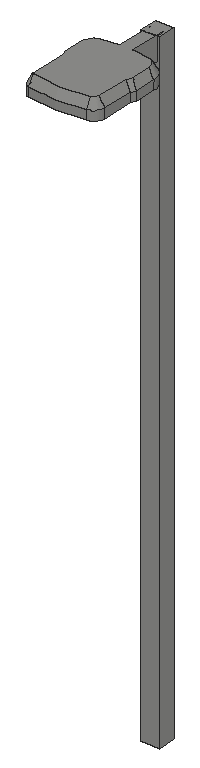
Revit family "VP-1_A", category Lighting Fixtures, host Face, Revit 2019
Family settings
  Host = Face
  Round Connector Dimension = Use Diameter
  Part Type = Normal
  OmniClass Number = 23.80.70.11.14.17
  OmniClass Title = Direct/Indirect
  Cut with Voids When Loaded = No
  Light Source = No
  Shared = Yes
  Room Calculation Point = No
Parameters (values of type "VP-1-A")
  Wattage Comments = "97.2W"
  Warranty = "Five year warranty"  # constant formula
  Voltage = 120 V
  URL = "https://www.currentlighting.com/beacon"
  Type Comments = "Lighting Fixture"  # constant formula
  Product Page URL = "https://www.currentlighting.com/outdoor-lighting/viper-area-size-1/9606403"
  Product Documentation Link = "https://cdn.currentlighting.com/site/specsheet/BEA_VIPERSPEC.pdf"
  Power Factor = 0.9
  Pole Height [instance] = 120.00"
  Name = "Viper Area Size 1"  # constant formula
  Model = "VP-1-A"
  Matt Grey = MATT GREY
  Matt Black = Matt Black
  Manufacturer = "Current Lighting"  # constant formula
  Load Classification = Lighting
  Light Output = 6297.00 cd/m²
  Lamp = "LED"  # constant formula
  Grey = Grey
  Glass = Glass
  Pole Size [instance] = 3.50"
  Features = "Featuring two different optical technologies, Micro Strike and Strike Optics, which provide the best distribution patterns for retrofit or new construction\r\nVibration rated for high vibration applications including bridges and overpasses\r\nControl options including photo control, occupancy sensing, NX Lighting Controls, wiSCAPE and 7-Pin with networked controls\r\nMounting options include: Arm, Universal Arm, Adjustable Arm, Mast Arm, Decorative Arm, Knuckle, Trunnion, Wall\r\nDistribution options include: Auto Front Row, Type 2, Type 3, Type 4 Forward, Type 4 Wide, Type 5 Narrow, Type 5 Medium, Type 5 Wide, Type 5 Rectangular, Corner Optic, and Tennis Court\r\n\r\n"  # constant formula
  Copyright = "© 2022 Current Lighting"  # constant formula
  Cool Grey = Cool Grey
  Contact Us = "https://www.currentlighting.com/contact-us"
  Certification = "UL"  # constant formula
  Description = "The Viper is an extremely versatile area/site luminaire which blends design, performance, and technology for a variety of applications."  # constant formula
  Default Elevation = 48.00"
  Finish = Arctic White
  Matt White = Matt White
  CRI = "70"  # constant formula
  Brand = "Beacon"  # constant formula
  Assembly Code = "D5020200"
  Apparent Load = 97.2 VA
Reference planes (in)
  plane 1 "Center (Front/Back)": y = 6.16697
  plane 2: z = 0
  plane 3 "Center (Left/Right)": x = 0
  plane 4: z = 3.75
  plane 5: z = -4.44
  plane 6: x = -1.75
  plane 7: x = 1.75
  plane 8: y = 4.41697
  plane 9: y = 7.91697
  plane 10: z = 120
Forms (in)
  Extrusion 1, solid, material "Cool Grey" <- "Cool Grey"
    sketch origin (0, 0, 0) x (1, 0, 0) y (0, 1, 0)
      loop
        line (-1.75, 7.91697) -> (-1.75, 4.41697) -> (1.75, 4.41697) -> (1.75, 7.91697) -> (-1.75, 7.91697)
    from 0 to 120
Lines and regions (in)
  reference lines
    curve 1: line (0, 14.42606, -3.25) -> (0, 17.42606, -0.25)
    curve 2: line (0, -2.09213, -3.25) -> (0, 14.42606, -3.25)
    curve 3: line (0, -5.09213, -0.25) -> (0, -2.09213, -3.25)
    curve 4: line (0, 14.42606, -3.25) -> (0, 17.42606, -0.25)
    curve 5: line (0, -5.09213, -0.25) -> (0, 17.42606, -0.25)
    curve 6: line (0, 17.17606, -0.77432) -> (0, 17.92606, -0.77432)
    curve 7: line (0, 17.17606, -1.52432) -> (0, 17.17606, -0.77432)
    curve 8: line (0, 16.69614, -1.52432) -> (0, 17.17606, -1.52432)
    curve 9: line (0, 14.92606, -4.25) -> (0, 16.69614, -1.52432)
    curve 10: line (0, -4.3622, -1.52432) -> (0, -2.59213, -4.25)
    curve 11: line (0, -4.84213, -1.52432) -> (0, -4.3622, -1.52432)
    curve 12: line (0, -4.84213, -0.77432) -> (0, -4.84213, -1.52432)
    curve 13: line (0, -5.59213, -0.77432) -> (0, -4.84213, -0.77432)
Dimensions and locks (in)
  plane 4 to plane 2 = 3.75"
  "Pole Size": plane 8 to plane 9
  equal spacing: plane 8, plane 1 "Center (Front/Back)", plane 9
  equal spacing: plane 6, plane 3 "Center (Left/Right)", plane 7
  "Pole Size": plane 6 to plane 7
  "Pole Height": plane 10 to plane 2
  aligned and locked: plane 2 to host face
  aligned and locked: level to host face
  aligned and locked: plane 10 to Extrusion 1
  aligned and locked: nested 1 to plane 10
  aligned and locked: plane 3 "Center (Left/Right)" to nested 1
  aligned and locked: plane 9 to Extrusion 1 sketch curve
  aligned and locked: plane 6 to Extrusion 1 sketch curve
  aligned and locked: Extrusion 1 sketch curve to plane 8
  aligned and locked: Extrusion 1 sketch curve to plane 7
Automatic sketch dimensions
  host sketch curve to host sketch curve = 96.00"
  host sketch curve to host sketch curve = 85.00"
  curve 3 to level = 0.25"
  plane 8 to curve 3 = 9.50909"
  curve 3 to curve 12 = 0.25"
  curve 11 to curve 11 = 0.47992"
  curve 2 to plane 5 = 1.19"
  curve 10 to curve 2 = 2.27008"
  curve 1 to plane 9 = 6.50909"
  curve 9 to level = 1.52432"
  curve 1 to curve 9 = 2.27008"
  curve 8 to curve 8 = 0.47992"
  curve 6 to curve 4 = 0.25"
  curve 10 to curve 3 = 1.27432"
  curve 7 to curve 1 = 0.52432"
  curve 12 to curve 3 = 0.52432"
  curve 13 to curve 3 = 0.50"
  curve 10 to plane 5 = 0.19"
  curve 10 to curve 2 = 0.50"
  curve 9 to plane 5 = 0.19"
  curve 1 to curve 9 = 0.50"
  curve 1 to curve 6 = 0.50"
Nested families (in)
  nested 1: "SIZE1" at (0, 4.41697, 118.26) x (1, 0, 0) z (0, -1, 0), type "SIZE1"
Connectors (in)
  electrical at (0, 6.16697, 0), driven by "Power Factor", driven by "Apparent Load", driven by "Voltage"
    settings: on Extrusion 1, index 1, voltage 120 V, apparent load 97.2 VA, apparent load phase1 0 VA, apparent load phase2 0 VA, apparent load phase3 0 VA, power factor 0.9, load classification "Other", number of poles 1, system type 30, power factor state 1, is connector primary yes, connector utility no, sub classification motor no, connector description "Light Fixture"
Definition of nested family "SIZE1"
  Parameters (values of type "SIZE1")
    Width = 14.38"
    Wattage = 97.2 W
    built-in parameter 1150110 = 1 (stored number, unit not read)
    built-in parameter 1114217 = 1 (stored number, unit not read)
    Tilt Angle = 160.00°
    built-in parameter 1150109 = 1 (stored number, unit not read)
    built-in parameter 1150134 = 3
    built-in parameter 1150113 = 1 (stored number, unit not read)
    Photometric Web File = "VP-1-160L-100-3K7-4W-BC.ies"
    Mount Length = 5.00"
    built-in parameter 1150105 = 502.77 (stored number, unit not read)
    Lumens = 6318 lm
    built-in parameter 1150115 = 1 (stored number, unit not read)
    built-in parameter 1150137 = (empty or 0)
    built-in parameter 1150139 = (empty or 0)
    Length = 16.76"
    built-in parameter 1150112 = 1 (stored number, unit not read)
    built-in parameter 1150114 = 1 (stored number, unit not read)
    built-in parameter 1150132 = (empty or 0)
    built-in parameter 1150102 = (empty or 0)
    built-in parameter 1150107 = 3200 (stored number, unit not read)
    built-in parameter 1150138 = (empty or 0)
    built-in parameter 1150106 = 5.0277 (stored number, unit not read)
    Glass = none
    Fixture = none
    built-in parameter 1150104 = 6.0387 (stored number, unit not read)
    Dimming Lamp Color Temperature Shift = (empty or 0)
    Default Elevation = 48.00"
    Color Filter = 16777215
    built-in parameter 1114218 = 1 (stored number, unit not read)
    built-in parameter 1150133 = 10 (stored number, unit not read)
  Reference planes (in)
    plane 1 "Center (Front/Back)": y = 0
    plane 2: z = 0
    plane 3 "Center (Left/Right)": x = 0
    plane 4: x = 7.19
    plane 5: x = -7.19
    plane 6: z = 5
    plane 7: z = 21.76
    plane 8: y = -1.74
    plane 9: y = 1.74
  Forms (in)
    Extrusion 1, solid
      sketch origin (0, 0, 0) x (1, 0, 0) y (0, 1, 0)
        loop
          line (-48, 48) -> (-48, -48) -> (48, -48) -> (48, 48) -> (-48, 48)
      from 0 to -12
    Extrusion 2, solid, material <- "Fixture"
      sketch origin (0, 0, 0) x (1, 0, 0) y (0, 0, 1)
        loop
          line (-6.90972, 13.22202) -> (-7.315, 12.17799) -> (-7.315, 8.14521)
          arc (-7.315, 8.14521) -> (-6.65907, 6.18733) -> (-4.95604, 5.01974) r 3.25
          arc (-4.95604, 5.01974) -> (0, 4.51429) -> (4.95604, 5.01974) r 24.55009
          arc (4.95604, 5.01974) -> (6.65907, 6.18733) -> (7.315, 8.14521) r 3.25
          line (7.315, 8.14521) -> (7.315, 12.17799) -> (6.8775, 13.30502) -> (6.8775, 19.34879)
          arc (6.8775, 19.34879) -> (6.40275, 20.64248) -> (5.20388, 21.32198) r 2
          arc (5.20388, 21.32198) -> (-0.34096, 21.75938) -> (-5.87967, 21.25016) r 32.6804
          arc (-5.87967, 21.25016) -> (-6.61822, 20.82202) -> (-6.90972, 20.01966) r 1.25
          line (-6.90972, 20.01966) -> (-6.90972, 13.22202)
      from 0 to 1.74
    Extrusion 3, solid, material <- "Fixture"
      sketch origin (0, 0, 0) x (0, 1, 0) y (0, 0, 1)
        loop
          line (1.74, 5.63918) -> (-1.6273, 5.63918) -> (-2.86955, -1.406) -> (1.74, -1.406) -> (1.74, 5.63918)
      from -1.24 to 1.24
    Extrusion 4, void
      sketch origin (0, 0, 0) x (1, 0, 0) y (0, 0, 1)
        loop
          line (-5.94707, 9.88637) -> (-5.94707, 8.88637)
          arc (-5.94707, 8.88637) -> (-0.00354, 7.88584) -> (5.94, 8.88637) r 18.15382
          line (5.94, 8.88637) -> (5.94, 9.88637)
          arc (5.94, 9.88637) -> (-0.00354, 8.88584) -> (-5.94707, 9.88637) r 18.15382
        loop
          line (-5.85535, 7.87828) -> (-5.85535, 7.60486)
          arc (-5.85535, 7.60486) -> (0.0002, 6.63584) -> (5.85535, 7.60727) r 18.15382
          line (5.85535, 7.60727) -> (5.85535, 7.88068)
          arc (5.85535, 7.88068) -> (0.0002, 6.91466) -> (-5.85535, 7.87828) r 18.25
        loop
          line (-5.85535, 7.12828) -> (-5.85535, 6.85486)
          arc (-5.85535, 6.85486) -> (0.0002, 5.88584) -> (5.85535, 6.85727) r 18.15382
          line (5.85535, 6.85727) -> (5.85535, 7.13068)
          arc (5.85535, 7.13068) -> (0.0002, 6.16466) -> (-5.85535, 7.12828) r 18.25
      from 1 to 1.75
    Blend 5, solid, material <- "Fixture"
      base sketch origin (0, 0, 0) x (1, 0, 0) y (0, 0, 1)
        loop
          arc (6.8775, 19.34879) -> (6.40275, 20.64248) -> (5.20388, 21.32198) r 2
          arc (5.20388, 21.32198) -> (-0.34096, 21.75938) -> (-5.87967, 21.25016) r 32.6804
          arc (-5.87967, 21.25016) -> (-6.61822, 20.82202) -> (-6.90972, 20.01966) r 1.25
          line (-6.90972, 20.01966) -> (-6.90972, 13.22202) -> (-7.315, 12.17799) -> (-7.315, 8.14521)
          arc (-7.315, 8.14521) -> (-6.65907, 6.18733) -> (-4.95604, 5.01974) r 3.25
          arc (-4.95604, 5.01974) -> (0, 4.51429) -> (4.95604, 5.01974) r 24.55009
          arc (4.95604, 5.01974) -> (6.65907, 6.18733) -> (7.315, 8.14521) r 3.25
          line (7.315, 8.14521) -> (7.315, 12.17799) -> (6.8775, 13.30502) -> (6.8775, 19.34879)
      top sketch origin (0, 0, 0) x (1, 0, 0) y (0, 0, 1)
        loop
          arc (5.8775, 19.34879) -> (5.64012, 19.99564) -> (5.04069, 20.33539) r 1
          arc (5.04069, 20.33539) -> (-0.33448, 20.7594) -> (-5.70371, 20.26576) r 31.6804
          arc (-5.70371, 20.26576) -> (-5.85142, 20.18013) -> (-5.90972, 20.01966) r 0.25
          line (-5.90972, 20.01966) -> (-5.90972, 13.03474) -> (-6.315, 11.99071) -> (-6.315, 8.14521)
          arc (-6.315, 8.14521) -> (-5.87115, 6.80345) -> (-4.71471, 5.99106) r 2.25
          arc (-4.71471, 5.99106) -> (0, 5.51429) -> (4.71471, 5.99106) r 23.55009
          arc (4.71471, 5.99106) -> (5.87115, 6.80345) -> (6.315, 8.14521) r 2.25
          line (6.315, 8.14521) -> (6.315, 11.99071) -> (5.8775, 13.11774) -> (5.8775, 19.34879)
      from 0 to -1.74
    Extrusion 6, void
      sketch origin (0, 0, 0) x (1, 0, 0) y (0, 0, 1)
        loop
          arc (-5.91108, 12.63948) -> (0.07704, 12.98149) -> (6.065, 12.63674) r 52.38328
          line (6.065, 12.63674) -> (6.065, 19.44182) -> (-5.91108, 19.44182) -> (-5.91108, 12.63948)
      from 1 to 1.75
    Extrusion 7, solid, material <- "Fixture"
      sketch origin (0.125, 0, 0) x (1, 0, 0) y (0, 1, 0)
        loop
          line (5.34818, -1) -> (5.34818, -1.20146)
          arc (5.34818, -1.20146) -> (5.35492, -1.23973) -> (5.37436, -1.27339) r 0.1119
          line (5.37436, -1.27339) -> (5.73492, -1.70309)
          arc (5.73492, -1.70309) -> (5.76289, -1.72455) -> (5.79732, -1.73219) r 0.08147
          line (5.79732, -1.73219) -> (5.94, -1.73219) -> (5.94, -1) -> (5.34818, -1)
      from 18.55 to 18.65
    Extrusion 8, solid, material <- "Fixture"
      sketch origin (0.125, 0, -0.90239) x (1, 0, 0) y (0, 1, 0)
        loop
          line (5.34818, -1) -> (5.34818, -1.20146)
          arc (5.34818, -1.20146) -> (5.35492, -1.23973) -> (5.37436, -1.27339) r 0.1119
          line (5.37436, -1.27339) -> (5.73492, -1.70309)
          arc (5.73492, -1.70309) -> (5.76289, -1.72455) -> (5.79732, -1.73219) r 0.08147
          line (5.79732, -1.73219) -> (5.94, -1.73219) -> (5.94, -1) -> (5.34818, -1)
      from 18.55 to 18.65
    Extrusion 9, solid, material <- "Fixture"
      sketch origin (0.125, 0, -1.79421) x (1, 0, 0) y (0, 1, 0)
        loop
          line (5.34818, -1) -> (5.34818, -1.20146)
          arc (5.34818, -1.20146) -> (5.35492, -1.23973) -> (5.37436, -1.27339) r 0.1119
          line (5.37436, -1.27339) -> (5.73492, -1.70309)
          arc (5.73492, -1.70309) -> (5.76289, -1.72455) -> (5.79732, -1.73219) r 0.08147
          line (5.79732, -1.73219) -> (5.94, -1.73219) -> (5.94, -1) -> (5.34818, -1)
      from 18.55 to 18.65
    Extrusion 10, solid, material <- "Fixture"
      sketch origin (0.125, 0, -2.68603) x (1, 0, 0) y (0, 1, 0)
        loop
          line (5.34818, -1) -> (5.34818, -1.20146)
          arc (5.34818, -1.20146) -> (5.35492, -1.23973) -> (5.37436, -1.27339) r 0.1119
          line (5.37436, -1.27339) -> (5.73492, -1.70309)
          arc (5.73492, -1.70309) -> (5.76289, -1.72455) -> (5.79732, -1.73219) r 0.08147
          line (5.79732, -1.73219) -> (5.94, -1.73219) -> (5.94, -1) -> (5.34818, -1)
      from 18.55 to 18.65
    Extrusion 11, solid, material <- "Fixture"
      sketch origin (0.125, 0, -3.57681) x (1, 0, 0) y (0, 1, 0)
        loop
          line (5.34818, -1) -> (5.34818, -1.20146)
          arc (5.34818, -1.20146) -> (5.35492, -1.23973) -> (5.37436, -1.27339) r 0.1119
          line (5.37436, -1.27339) -> (5.73492, -1.70309)
          arc (5.73492, -1.70309) -> (5.76289, -1.72455) -> (5.79732, -1.73219) r 0.08147
          line (5.79732, -1.73219) -> (5.94, -1.73219) -> (5.94, -1) -> (5.34818, -1)
      from 18.55 to 18.65
    Extrusion 12, solid, material <- "Fixture"
      sketch origin (-0.125, 0, 0) x (-1, 0, 0) y (0, -1, 0)
        loop
          line (5.34818, 1) -> (5.94, 1) -> (5.94, 1.73219) -> (5.79732, 1.73219)
          arc (5.79732, 1.73219) -> (5.76289, 1.72455) -> (5.73492, 1.70309) r 0.08147
          line (5.73492, 1.70309) -> (5.37436, 1.27339)
          arc (5.37436, 1.27339) -> (5.35492, 1.23973) -> (5.34818, 1.20146) r 0.1119
          line (5.34818, 1.20146) -> (5.34818, 1)
      from 18.55 to 18.65
    Extrusion 13, solid, material <- "Fixture"
      sketch origin (-0.125, 0, -0.90239) x (-1, 0, 0) y (0, -1, 0)
        loop
          line (5.34818, 1) -> (5.94, 1) -> (5.94, 1.73219) -> (5.79732, 1.73219)
          arc (5.79732, 1.73219) -> (5.76289, 1.72455) -> (5.73492, 1.70309) r 0.08147
          line (5.73492, 1.70309) -> (5.37436, 1.27339)
          arc (5.37436, 1.27339) -> (5.35492, 1.23973) -> (5.34818, 1.20146) r 0.1119
          line (5.34818, 1.20146) -> (5.34818, 1)
      from 18.55 to 18.65
    Extrusion 14, solid, material <- "Fixture"
      sketch origin (-0.125, 0, -1.79421) x (-1, 0, 0) y (0, -1, 0)
        loop
          line (5.34818, 1) -> (5.94, 1) -> (5.94, 1.73219) -> (5.79732, 1.73219)
          arc (5.79732, 1.73219) -> (5.76289, 1.72455) -> (5.73492, 1.70309) r 0.08147
          line (5.73492, 1.70309) -> (5.37436, 1.27339)
          arc (5.37436, 1.27339) -> (5.35492, 1.23973) -> (5.34818, 1.20146) r 0.1119
          line (5.34818, 1.20146) -> (5.34818, 1)
      from 18.55 to 18.65
    Extrusion 15, solid, material <- "Fixture"
      sketch origin (-0.125, 0, -2.68603) x (-1, 0, 0) y (0, -1, 0)
        loop
          line (5.34818, 1) -> (5.94, 1) -> (5.94, 1.73219) -> (5.79732, 1.73219)
          arc (5.79732, 1.73219) -> (5.76289, 1.72455) -> (5.73492, 1.70309) r 0.08147
          line (5.73492, 1.70309) -> (5.37436, 1.27339)
          arc (5.37436, 1.27339) -> (5.35492, 1.23973) -> (5.34818, 1.20146) r 0.1119
          line (5.34818, 1.20146) -> (5.34818, 1)
      from 18.55 to 18.65
    Extrusion 16, solid, material <- "Fixture"
      sketch origin (-0.125, 0, -3.57681) x (-1, 0, 0) y (0, -1, 0)
        loop
          line (5.34818, 1) -> (5.94, 1) -> (5.94, 1.73219) -> (5.79732, 1.73219)
          arc (5.79732, 1.73219) -> (5.76289, 1.72455) -> (5.73492, 1.70309) r 0.08147
          line (5.73492, 1.70309) -> (5.37436, 1.27339)
          arc (5.37436, 1.27339) -> (5.35492, 1.23973) -> (5.34818, 1.20146) r 0.1119
          line (5.34818, 1.20146) -> (5.34818, 1)
      from 18.55 to 18.65
    Extrusion 17, solid, material <- "Glass"
      sketch origin (0, 0, -0.25) x (1, 0, 0) y (0, 0, 1)
        loop
          arc (-5.06487, 19.44182) -> (-5.31236, 19.33931) -> (-5.41487, 19.09182) r 0.35
          line (-5.41487, 19.09182) -> (-5.41487, 14.04182)
          arc (-5.41487, 14.04182) -> (-5.31236, 13.79434) -> (-5.06487, 13.69182) r 0.35
          line (-5.06487, 13.69182) -> (5.11803, 13.69182)
          arc (5.11803, 13.69182) -> (5.36552, 13.79434) -> (5.46803, 14.04182) r 0.35
          line (5.46803, 14.04182) -> (5.46803, 19.09182)
          arc (5.46803, 19.09182) -> (5.36552, 19.33931) -> (5.11803, 19.44182) r 0.35
          line (5.11803, 19.44182) -> (-5.06487, 19.44182)
      from 1 to 1.35
    Extrusion 18, solid, material <- "Glass"
      sketch origin (0, 0, -0.25) x (1, 0, 0) y (0, 0, 1)
        loop
          circle (-4.85829, 18.61694) r 0.15
        loop
          circle (-4.33955, 18.61694) r 0.15
        loop
          circle (-3.8208, 18.61694) r 0.15
        loop
          circle (-3.30205, 18.61694) r 0.15
        loop
          circle (-2.7833, 18.61694) r 0.15
        loop
          circle (-2.26455, 18.61694) r 0.15
        loop
          circle (-1.7458, 18.61694) r 0.15
        loop
          circle (-1.22705, 18.61694) r 0.15
        loop
          circle (-0.70831, 18.61694) r 0.15
        loop
          circle (-4.85829, 18.11694) r 0.15
        loop
          circle (-4.33955, 18.11694) r 0.15
        loop
          circle (-3.8208, 18.11694) r 0.15
        loop
          circle (-3.30205, 18.11694) r 0.15
        loop
          circle (-2.7833, 18.11694) r 0.15
        loop
          circle (-2.26455, 18.11694) r 0.15
        loop
          circle (-1.7458, 18.11694) r 0.15
        loop
          circle (-1.22705, 18.11694) r 0.15
        loop
          circle (-0.70831, 18.11694) r 0.15
        loop
          circle (-4.85829, 17.61694) r 0.15
        loop
          circle (-4.33955, 17.61694) r 0.15
        loop
          circle (-3.8208, 17.61694) r 0.15
        loop
          circle (-3.30205, 17.61694) r 0.15
        loop
          circle (-2.7833, 17.61694) r 0.15
        loop
          circle (-2.26455, 17.61694) r 0.15
        loop
          circle (-1.7458, 17.61694) r 0.15
        loop
          circle (-1.22705, 17.61694) r 0.15
        loop
          circle (-0.70831, 17.61694) r 0.15
        loop
          circle (-4.85829, 17.11694) r 0.15
        loop
          circle (-4.33955, 17.11694) r 0.15
        loop
          circle (-3.8208, 17.11694) r 0.15
        loop
          circle (-3.30205, 17.11694) r 0.15
        loop
          circle (-2.7833, 17.11694) r 0.15
        loop
          circle (-2.26455, 17.11694) r 0.15
        loop
          circle (-1.7458, 17.11694) r 0.15
        loop
          circle (-1.22705, 17.11694) r 0.15
        loop
          circle (-0.70831, 17.11694) r 0.15
        loop
          circle (-4.85829, 16.61694) r 0.15
        loop
          circle (-4.33955, 16.61694) r 0.15
        loop
          circle (-3.8208, 16.61694) r 0.15
        loop
          circle (-3.30205, 16.61694) r 0.15
        loop
          circle (-2.7833, 16.61694) r 0.15
        loop
          circle (-2.26455, 16.61694) r 0.15
        loop
          circle (-1.7458, 16.61694) r 0.15
        loop
          circle (-1.22705, 16.61694) r 0.15
        loop
          circle (-0.70831, 16.61694) r 0.15
        loop
          circle (-4.85829, 16.11694) r 0.15
        loop
          circle (-4.33955, 16.11694) r 0.15
        loop
          circle (-3.8208, 16.11694) r 0.15
        loop
          circle (-3.30205, 16.11694) r 0.15
        loop
          circle (-2.7833, 16.11694) r 0.15
        loop
          circle (-2.26455, 16.11694) r 0.15
        loop
          circle (-1.7458, 16.11694) r 0.15
        loop
          circle (-1.22705, 16.11694) r 0.15
        loop
          circle (-0.70831, 16.11694) r 0.15
        loop
          circle (-4.85829, 15.61694) r 0.15
        loop
          circle (-4.33955, 15.61694) r 0.15
        loop
          circle (-3.8208, 15.61694) r 0.15
        loop
          circle (-3.30205, 15.61694) r 0.15
        loop
          circle (-2.7833, 15.61694) r 0.15
        loop
          circle (-2.26455, 15.61694) r 0.15
        loop
          circle (-1.7458, 15.61694) r 0.15
        loop
          circle (-1.22705, 15.61694) r 0.15
        loop
          circle (-0.70831, 15.61694) r 0.15
        loop
          circle (-4.85829, 15.11694) r 0.15
        loop
          circle (-4.33955, 15.11694) r 0.15
        loop
          circle (-3.8208, 15.11694) r 0.15
        loop
          circle (-3.30205, 15.11694) r 0.15
        loop
          circle (-2.7833, 15.11694) r 0.15
        loop
          circle (-2.26455, 15.11694) r 0.15
        loop
          circle (-1.7458, 15.11694) r 0.15
        loop
          circle (-1.22705, 15.11694) r 0.15
        loop
          circle (-0.70831, 15.11694) r 0.15
        loop
          circle (-4.85829, 14.61694) r 0.15
        loop
          circle (-4.33955, 14.61694) r 0.15
        loop
          circle (-3.8208, 14.61694) r 0.15
        loop
          circle (-3.30205, 14.61694) r 0.15
        loop
          circle (-2.7833, 14.61694) r 0.15
        loop
          circle (-2.26455, 14.61694) r 0.15
        loop
          circle (-1.7458, 14.61694) r 0.15
        loop
          circle (-1.22705, 14.61694) r 0.15
        loop
          circle (-0.70831, 14.61694) r 0.15
      from 1.35 to 1.4
    Extrusion 19, solid, material <- "Glass"
      sketch origin (0, 0, -0.25) x (-1, 0, 0) y (0, 0, -1)
        loop
          circle (-4.85829, -18.61694) r 0.15
        loop
          circle (-4.33955, -18.61694) r 0.15
        loop
          circle (-3.8208, -18.61694) r 0.15
        loop
          circle (-3.30205, -18.61694) r 0.15
        loop
          circle (-2.7833, -18.61694) r 0.15
        loop
          circle (-2.26455, -18.61694) r 0.15
        loop
          circle (-1.7458, -18.61694) r 0.15
        loop
          circle (-1.22705, -18.61694) r 0.15
        loop
          circle (-0.70831, -18.61694) r 0.15
        loop
          circle (-4.85829, -18.11694) r 0.15
        loop
          circle (-4.33955, -18.11694) r 0.15
        loop
          circle (-3.8208, -18.11694) r 0.15
        loop
          circle (-3.30205, -18.11694) r 0.15
        loop
          circle (-2.7833, -18.11694) r 0.15
        loop
          circle (-2.26455, -18.11694) r 0.15
        loop
          circle (-1.7458, -18.11694) r 0.15
        loop
          circle (-1.22705, -18.11694) r 0.15
        loop
          circle (-0.70831, -18.11694) r 0.15
        loop
          circle (-4.85829, -17.61694) r 0.15
        loop
          circle (-4.33955, -17.61694) r 0.15
        loop
          circle (-3.8208, -17.61694) r 0.15
        loop
          circle (-3.30205, -17.61694) r 0.15
        loop
          circle (-2.7833, -17.61694) r 0.15
        loop
          circle (-2.26455, -17.61694) r 0.15
        loop
          circle (-1.7458, -17.61694) r 0.15
        loop
          circle (-1.22705, -17.61694) r 0.15
        loop
          circle (-0.70831, -17.61694) r 0.15
        loop
          circle (-4.85829, -17.11694) r 0.15
        loop
          circle (-4.33955, -17.11694) r 0.15
        loop
          circle (-3.8208, -17.11694) r 0.15
        loop
          circle (-3.30205, -17.11694) r 0.15
        loop
          circle (-2.7833, -17.11694) r 0.15
        loop
          circle (-2.26455, -17.11694) r 0.15
        loop
          circle (-1.7458, -17.11694) r 0.15
        loop
          circle (-1.22705, -17.11694) r 0.15
        loop
          circle (-0.70831, -17.11694) r 0.15
        loop
          circle (-4.85829, -16.61694) r 0.15
        loop
          circle (-4.33955, -16.61694) r 0.15
        loop
          circle (-3.8208, -16.61694) r 0.15
        loop
          circle (-3.30205, -16.61694) r 0.15
        loop
          circle (-2.7833, -16.61694) r 0.15
        loop
          circle (-2.26455, -16.61694) r 0.15
        loop
          circle (-1.7458, -16.61694) r 0.15
        loop
          circle (-1.22705, -16.61694) r 0.15
        loop
          circle (-0.70831, -16.61694) r 0.15
        loop
          circle (-4.85829, -16.11694) r 0.15
        loop
          circle (-4.33955, -16.11694) r 0.15
        loop
          circle (-3.8208, -16.11694) r 0.15
        loop
          circle (-3.30205, -16.11694) r 0.15
        loop
          circle (-2.7833, -16.11694) r 0.15
        loop
          circle (-2.26455, -16.11694) r 0.15
        loop
          circle (-1.7458, -16.11694) r 0.15
        loop
          circle (-1.22705, -16.11694) r 0.15
        loop
          circle (-0.70831, -16.11694) r 0.15
        loop
          circle (-4.85829, -15.61694) r 0.15
        loop
          circle (-4.33955, -15.61694) r 0.15
        loop
          circle (-3.8208, -15.61694) r 0.15
        loop
          circle (-3.30205, -15.61694) r 0.15
        loop
          circle (-2.7833, -15.61694) r 0.15
        loop
          circle (-2.26455, -15.61694) r 0.15
        loop
          circle (-1.7458, -15.61694) r 0.15
        loop
          circle (-1.22705, -15.61694) r 0.15
        loop
          circle (-0.70831, -15.61694) r 0.15
        loop
          circle (-4.85829, -15.11694) r 0.15
        loop
          circle (-4.33955, -15.11694) r 0.15
        loop
          circle (-3.8208, -15.11694) r 0.15
        loop
          circle (-3.30205, -15.11694) r 0.15
        loop
          circle (-2.7833, -15.11694) r 0.15
        loop
          circle (-2.26455, -15.11694) r 0.15
        loop
          circle (-1.7458, -15.11694) r 0.15
        loop
          circle (-1.22705, -15.11694) r 0.15
        loop
          circle (-0.70831, -15.11694) r 0.15
        loop
          circle (-4.85829, -14.61694) r 0.15
        loop
          circle (-4.33955, -14.61694) r 0.15
        loop
          circle (-3.8208, -14.61694) r 0.15
        loop
          circle (-3.30205, -14.61694) r 0.15
        loop
          circle (-2.7833, -14.61694) r 0.15
        loop
          circle (-2.26455, -14.61694) r 0.15
        loop
          circle (-1.7458, -14.61694) r 0.15
        loop
          circle (-1.22705, -14.61694) r 0.15
        loop
          circle (-0.70831, -14.61694) r 0.15
      from 1.35 to 1.4
    Extrusion 20, solid, material <- "Glass"
      sketch origin (0, 0, -0.25) x (1, 0, 0) y (0, 0, 1)
        loop
          arc (-5.04655, 19.1209) -> (-5.22333, 19.04768) -> (-5.29655, 18.8709) r 0.25
          line (-5.29655, 18.8709) -> (-5.29655, 14.3709)
          arc (-5.29655, 14.3709) -> (-5.22333, 14.19412) -> (-5.04655, 14.1209) r 0.25
          line (-5.04655, 14.1209) -> (-0.54655, 14.1209)
          arc (-0.54655, 14.1209) -> (-0.36977, 14.19412) -> (-0.29655, 14.3709) r 0.25
          line (-0.29655, 14.3709) -> (-0.29655, 18.8709)
          arc (-0.29655, 18.8709) -> (-0.36977, 19.04768) -> (-0.54655, 19.1209) r 0.25
          line (-0.54655, 19.1209) -> (-5.04655, 19.1209)
      from 1.35 to 1.37213
    Extrusion 21, solid, material <- "Glass"
      sketch origin (0, 0, -0.25) x (-1, 0, 0) y (0, 0, -1)
        loop
          line (-5.04655, -19.1209) -> (-0.54655, -19.1209)
          arc (-0.54655, -19.1209) -> (-0.36977, -19.04768) -> (-0.29655, -18.8709) r 0.25
          line (-0.29655, -18.8709) -> (-0.29655, -14.3709)
          arc (-0.29655, -14.3709) -> (-0.36977, -14.19412) -> (-0.54655, -14.1209) r 0.25
          line (-0.54655, -14.1209) -> (-5.04655, -14.1209)
          arc (-5.04655, -14.1209) -> (-5.22333, -14.19412) -> (-5.29655, -14.3709) r 0.25
          line (-5.29655, -14.3709) -> (-5.29655, -18.8709)
          arc (-5.29655, -18.8709) -> (-5.22333, -19.04768) -> (-5.04655, -19.1209) r 0.25
      from 1.35 to 1.37213
  Cuts and joins
    Extrusion 4, Extrusion 6 cuts Extrusion 2
    Extrusion 6 cuts Extrusion 3
    Extrusion 6 cuts Blend 5
    joined: Extrusion 2, Extrusion 3, Blend 5
  Dimensions and locks (in)
    equal spacing: plane 4, plane 3 "Center (Left/Right)", plane 5
    "Width": plane 4 to plane 5
    "Length": plane 7 to plane 6
    "Mount Length": plane 6 to plane 2
    aligned and locked: plane 2 to Extrusion 1
    aligned and locked: level to Extrusion 1
  Automatic sketch dimensions
    Extrusion 1 sketch curve to Extrusion 1 sketch curve = 96.00"  (x2)
    Extrusion 2 sketch curve to plane 3 "Center (Left/Right)" = 0.00"
    Extrusion 2 sketch curve to plane 3 "Center (Left/Right)" = 0.12919"
    plane 5 to Extrusion 2 sketch curve = 3.125"
    plane 5 to Extrusion 2 sketch curve = 1.53028"
    plane 5 to Extrusion 2 sketch curve = 0.28028"
    Extrusion 2 sketch curve to plane 5 = 0.125"
    Extrusion 2 sketch curve to plane 4 = 3.125"
    Extrusion 2 sketch curve to plane 4 = 2.3125"
    Extrusion 2 sketch curve to plane 4 = 0.3125"
    plane 4 to Extrusion 2 sketch curve = 0.125"
    Extrusion 2 sketch curve to level = 10.92033"
    plane 6 to Extrusion 2 sketch curve = 3.14521"
    Extrusion 2 sketch curve to Extrusion 2 sketch curve = 0.00"  (x2)
    Extrusion 2 sketch curve to Extrusion 2 sketch curve = 4.03278"  (x2)
    Extrusion 2 sketch curve to Extrusion 2 sketch curve = 1.04403"
    Extrusion 2 sketch curve to Extrusion 2 sketch curve = 1.12703"
    Extrusion 2 sketch curve to plane 7 = 2.41121"
    Extrusion 2 sketch curve to plane 7 = 1.74034"
    plane 7 to Extrusion 2 sketch curve = 7.30438"
    plane 6 to Extrusion 2 sketch curve = 0.01974"
    Extrusion 3 sketch curve to level = 1.406"
    Extrusion 3 sketch curve to plane 9 = 0.00"
    Extrusion 3 sketch curve to plane 8 = 0.1127"
    plane 8 to Extrusion 3 sketch curve = 1.12955"
    plane 6 to Extrusion 3 sketch curve = 0.63918"
    plane 5 to Extrusion 4 sketch curve = 1.24293"
    plane 5 to Extrusion 4 sketch curve = 1.33465"
    Extrusion 4 sketch curve to Extrusion 4 sketch curve = 0.00"  (x2)
    Extrusion 4 sketch curve to plane 3 "Center (Left/Right)" = 0.00354"  (x6)
    Extrusion 4 sketch curve to plane 4 = 1.33465"
    Extrusion 4 sketch curve to plane 4 = 1.25"
    plane 6 to Extrusion 4 sketch curve = 1.85486"
    level to Extrusion 4 sketch curve = 6.85727"
    Extrusion 4 sketch curve to Extrusion 4 sketch curve = 0.27343"  (x2)
    Extrusion 4 sketch curve to Extrusion 4 sketch curve = 0.27341"  (x2)
    Extrusion 4 sketch curve to Extrusion 4 sketch curve = 0.47657"
    Extrusion 4 sketch curve to Extrusion 4 sketch curve = 0.47659"
    Extrusion 4 sketch curve to Extrusion 4 sketch curve = 1.00808"
    Extrusion 4 sketch curve to Extrusion 4 sketch curve = 1.00"  (x2)
    Extrusion 4 sketch curve to Extrusion 4 sketch curve = 0.875"
    Blend 5 sketch curve to plane 3 "Center (Left/Right)" = 0.00"  (x2)
    Blend 5 sketch curve to plane 3 "Center (Left/Right)" = 0.12919"  (x2)
    plane 5 to Blend 5 sketch curve = 3.125"  (x2)
    plane 5 to Blend 5 sketch curve = 1.53028"  (x2)
    plane 5 to Blend 5 sketch curve = 0.28028"
    Blend 5 sketch curve to plane 5 = 0.125"
    Blend 5 sketch curve to plane 4 = 3.125"  (x2)
    Blend 5 sketch curve to plane 4 = 2.3125"  (x2)
    Blend 5 sketch curve to plane 4 = 0.3125"
    plane 4 to Blend 5 sketch curve = 0.125"
    Blend 5 sketch curve to level = 10.92033"  (x2)
    plane 6 to Blend 5 sketch curve = 3.14521"  (x2)
    level to Blend 5 sketch curve = 8.14521"  (x2)
    Blend 5 sketch curve to Blend 5 sketch curve = 4.03278"  (x2)
    Blend 5 sketch curve to Blend 5 sketch curve = 1.04403"  (x2)
    Blend 5 sketch curve to Blend 5 sketch curve = 1.12703"  (x2)
    Blend 5 sketch curve to plane 7 = 2.41121"  (x2)
    Blend 5 sketch curve to plane 7 = 1.74034"  (x2)
    plane 7 to Blend 5 sketch curve = 7.30438"  (x2)
    plane 6 to Blend 5 sketch curve = 0.01974"
    Blend 5 sketch curve to Blend 5 sketch curve = 0.00"  (x2)
    Blend 5 sketch curve to Blend 5 sketch curve = 0.25"
    plane 5 to Blend 5 sketch curve = 0.875"
    Blend 5 sketch curve to plane 4 = 1.3125"
    Blend 5 sketch curve to plane 4 = 0.875"
    Blend 5 sketch curve to Blend 5 sketch curve = 3.8455"  (x2)
    plane 6 to Blend 5 sketch curve = 0.99106"
    plane 5 to Extrusion 6 sketch curve = 1.27892"
    plane 3 "Center (Left/Right)" to Extrusion 6 sketch curve = 0.06506"
    Extrusion 6 sketch curve to plane 4 = 1.125"
    Extrusion 6 sketch curve to level = 39.4018"
    plane 6 to Extrusion 6 sketch curve = 7.63674"
    Extrusion 6 sketch curve to plane 7 = 2.31818"
    Extrusion 7 sketch curve to plane 4 = 1.71682"
    Extrusion 7 sketch curve to plane 8 = 0.46661"
    Extrusion 7 sketch curve to Extrusion 7 sketch curve = 0.02618"
    Extrusion 7 sketch curve to Extrusion 7 sketch curve = 0.1119"
    Extrusion 7 sketch curve to plane 8 = 0.03691"
    Extrusion 7 sketch curve to Extrusion 7 sketch curve = 0.36056"
    Extrusion 7 sketch curve to plane 8 = 0.00781"
    Extrusion 7 sketch curve to Extrusion 7 sketch curve = 0.06241"
    Extrusion 7 sketch curve to Extrusion 7 sketch curve = 0.47992"
    Extrusion 7 sketch curve to Extrusion 7 sketch curve = 0.20146"
    Extrusion 8 sketch curve to plane 4 = 1.71682"
    Extrusion 8 sketch curve to plane 8 = 0.46661"
    Extrusion 8 sketch curve to Extrusion 8 sketch curve = 0.02618"
    Extrusion 8 sketch curve to Extrusion 8 sketch curve = 0.1119"
    Extrusion 8 sketch curve to plane 8 = 0.03691"
    Extrusion 8 sketch curve to Extrusion 8 sketch curve = 0.36056"
    Extrusion 8 sketch curve to plane 8 = 0.00781"
    Extrusion 8 sketch curve to Extrusion 8 sketch curve = 0.06241"
    Extrusion 8 sketch curve to Extrusion 8 sketch curve = 0.47992"
    Extrusion 8 sketch curve to Extrusion 8 sketch curve = 0.20146"
    Extrusion 9 sketch curve to plane 4 = 1.71682"
    Extrusion 9 sketch curve to plane 8 = 0.46661"
    Extrusion 9 sketch curve to Extrusion 9 sketch curve = 0.02618"
    Extrusion 9 sketch curve to Extrusion 9 sketch curve = 0.1119"
    Extrusion 9 sketch curve to plane 8 = 0.03691"
    Extrusion 9 sketch curve to Extrusion 9 sketch curve = 0.36056"
    Extrusion 9 sketch curve to plane 8 = 0.00781"
    Extrusion 9 sketch curve to Extrusion 9 sketch curve = 0.06241"
    Extrusion 9 sketch curve to Extrusion 9 sketch curve = 0.47992"
    Extrusion 9 sketch curve to Extrusion 9 sketch curve = 0.20146"
    Extrusion 10 sketch curve to plane 4 = 1.71682"
    Extrusion 10 sketch curve to plane 8 = 0.46661"
    Extrusion 10 sketch curve to Extrusion 10 sketch curve = 0.02618"
    Extrusion 10 sketch curve to Extrusion 10 sketch curve = 0.1119"
    Extrusion 10 sketch curve to plane 8 = 0.03691"
    Extrusion 10 sketch curve to Extrusion 10 sketch curve = 0.36056"
    Extrusion 10 sketch curve to plane 8 = 0.00781"
    Extrusion 10 sketch curve to Extrusion 10 sketch curve = 0.06241"
    Extrusion 10 sketch curve to Extrusion 10 sketch curve = 0.47992"
    Extrusion 10 sketch curve to Extrusion 10 sketch curve = 0.20146"
    Extrusion 11 sketch curve to plane 4 = 1.71682"
    Extrusion 11 sketch curve to plane 8 = 0.46661"
    Extrusion 11 sketch curve to Extrusion 11 sketch curve = 0.02618"
    Extrusion 11 sketch curve to Extrusion 11 sketch curve = 0.1119"
    Extrusion 11 sketch curve to plane 8 = 0.03691"
    Extrusion 11 sketch curve to Extrusion 11 sketch curve = 0.36056"
    Extrusion 11 sketch curve to plane 8 = 0.00781"
    Extrusion 11 sketch curve to Extrusion 11 sketch curve = 0.06241"
    Extrusion 11 sketch curve to Extrusion 11 sketch curve = 0.47992"
    Extrusion 11 sketch curve to Extrusion 11 sketch curve = 0.20146"
    Extrusion 12 sketch curve to plane 5 = 1.71682"
    plane 8 to Extrusion 12 sketch curve = 0.46661"
    Extrusion 12 sketch curve to Extrusion 12 sketch curve = 0.02618"
    Extrusion 12 sketch curve to Extrusion 12 sketch curve = 0.1119"
    plane 8 to Extrusion 12 sketch curve = 0.03691"
    Extrusion 12 sketch curve to Extrusion 12 sketch curve = 0.36056"
    plane 8 to Extrusion 12 sketch curve = 0.00781"
    Extrusion 12 sketch curve to Extrusion 12 sketch curve = 0.06241"
    Extrusion 12 sketch curve to Extrusion 12 sketch curve = 0.47992"
    Extrusion 12 sketch curve to Extrusion 12 sketch curve = 0.20146"
    plane 5 to Extrusion 13 sketch curve = 1.71682"
    Extrusion 13 sketch curve to plane 8 = 0.46661"
    Extrusion 13 sketch curve to Extrusion 13 sketch curve = 0.02618"
    Extrusion 13 sketch curve to Extrusion 13 sketch curve = 0.1119"
    Extrusion 13 sketch curve to plane 8 = 0.03691"
    Extrusion 13 sketch curve to Extrusion 13 sketch curve = 0.36056"
    Extrusion 13 sketch curve to plane 8 = 0.00781"
    Extrusion 13 sketch curve to Extrusion 13 sketch curve = 0.06241"
    Extrusion 13 sketch curve to Extrusion 13 sketch curve = 0.47992"
    Extrusion 13 sketch curve to Extrusion 13 sketch curve = 0.20146"
    plane 5 to Extrusion 14 sketch curve = 1.71682"
    Extrusion 14 sketch curve to plane 8 = 0.46661"
    Extrusion 14 sketch curve to Extrusion 14 sketch curve = 0.02618"
    Extrusion 14 sketch curve to Extrusion 14 sketch curve = 0.1119"
    Extrusion 14 sketch curve to plane 8 = 0.03691"
    Extrusion 14 sketch curve to Extrusion 14 sketch curve = 0.36056"
    Extrusion 14 sketch curve to plane 8 = 0.00781"
    Extrusion 14 sketch curve to Extrusion 14 sketch curve = 0.06241"
    Extrusion 14 sketch curve to Extrusion 14 sketch curve = 0.47992"
    Extrusion 14 sketch curve to Extrusion 14 sketch curve = 0.20146"
    plane 5 to Extrusion 15 sketch curve = 1.71682"
    Extrusion 15 sketch curve to plane 8 = 0.46661"
    Extrusion 15 sketch curve to Extrusion 15 sketch curve = 0.02618"
    Extrusion 15 sketch curve to Extrusion 15 sketch curve = 0.1119"
    Extrusion 15 sketch curve to plane 8 = 0.03691"
    Extrusion 15 sketch curve to Extrusion 15 sketch curve = 0.36056"
    Extrusion 15 sketch curve to plane 8 = 0.00781"
    Extrusion 15 sketch curve to Extrusion 15 sketch curve = 0.06241"
    Extrusion 15 sketch curve to Extrusion 15 sketch curve = 0.47992"
    Extrusion 15 sketch curve to Extrusion 15 sketch curve = 0.20146"
    plane 5 to Extrusion 16 sketch curve = 1.71682"
    Extrusion 16 sketch curve to plane 8 = 0.46661"
    Extrusion 16 sketch curve to Extrusion 16 sketch curve = 0.02618"
    Extrusion 16 sketch curve to Extrusion 16 sketch curve = 0.1119"
    Extrusion 16 sketch curve to plane 8 = 0.03691"
    Extrusion 16 sketch curve to Extrusion 16 sketch curve = 0.36056"
    Extrusion 16 sketch curve to plane 8 = 0.00781"
    Extrusion 16 sketch curve to Extrusion 16 sketch curve = 0.06241"
    Extrusion 16 sketch curve to Extrusion 16 sketch curve = 0.47992"
    Extrusion 16 sketch curve to Extrusion 16 sketch curve = 0.20146"
    plane 5 to Extrusion 18 sketch curve = 2.33171"
    Extrusion 18 sketch curve to Extrusion 18 sketch curve = 0.00"  (x61)
    Extrusion 18 sketch curve to Extrusion 18 sketch curve = 0.51875"  (x27)
    Extrusion 18 sketch curve to plane 7 = 7.39306"
    Extrusion 18 sketch curve to Extrusion 18 sketch curve = 0.50"  (x72)
    plane 4 to Extrusion 19 sketch curve = 2.33171"
    Extrusion 19 sketch curve to Extrusion 19 sketch curve = 0.00"  (x61)
    Extrusion 19 sketch curve to Extrusion 19 sketch curve = 0.51875"  (x27)
    plane 7 to Extrusion 19 sketch curve = 7.39306"
    Extrusion 19 sketch curve to Extrusion 19 sketch curve = 0.50"  (x72)
    plane 5 to Extrusion 20 sketch curve = 1.89345"
    Extrusion 20 sketch curve to Extrusion 20 sketch curve = 0.25"  (x3)
    Extrusion 20 sketch curve to plane 3 "Center (Left/Right)" = 0.54655"  (x2)
    Extrusion 20 sketch curve to plane 7 = 7.8891"
    Extrusion 20 sketch curve to plane 7 = 3.1391"
    plane 4 to Extrusion 21 sketch curve = 1.89345"
    Extrusion 21 sketch curve to Extrusion 21 sketch curve = 0.25"  (x3)
    Extrusion 21 sketch curve to plane 3 "Center (Left/Right)" = 0.54655"  (x2)
    plane 7 to Extrusion 21 sketch curve = 7.8891"
    plane 7 to Extrusion 21 sketch curve = 3.1391"
    plane 5 to Extrusion 17 sketch curve = 1.77513"
    Extrusion 17 sketch curve to Extrusion 17 sketch curve = 0.35"  (x3)
    Extrusion 17 sketch curve to plane 4 = 2.07197"  (x2)
    Extrusion 17 sketch curve to plane 7 = 8.31818"
    Extrusion 17 sketch curve to plane 7 = 2.91818"
    radius of Extrusion 18 sketch curve = 0.15"  (x81)
    radius of Extrusion 19 sketch curve = 0.15"  (x81)
